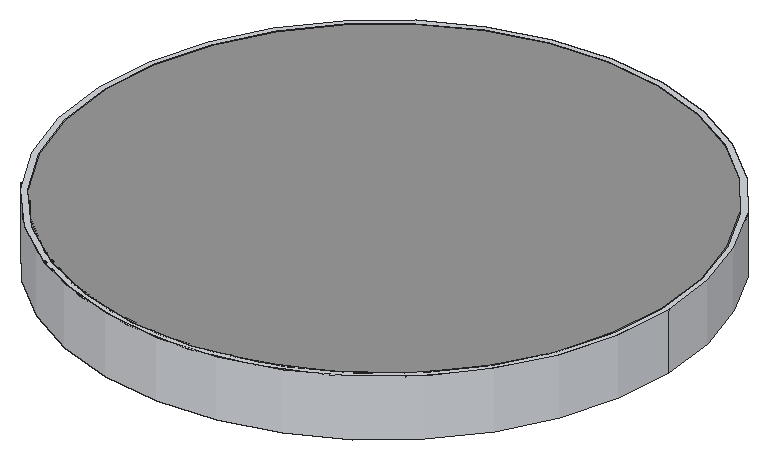
Revit family "2071172", category Lighting Fixtures, host Face, Revit 2018
Family settings
  Host = Face
  Round Connector Dimension = Use Diameter
  Part Type = Normal
  OmniClass Number = 23.80.70.00
  OmniClass Title = Lighting
  Cut with Voids When Loaded = No
  Light Source = Yes
  Shared = No
  Room Calculation Point = No
Parameters (values of type "2071172 COLOSSAL 600 830 PR DIR WHT SSC")
  iner diameter = 588 mm
  Weight = "n/a"
  Wattage Comments = ""
  Wattage = 30 W
  WarrantyStartDate [instance] = "n/a"
  WarrantyGuarantorParts = "n/a"
  WarrantyDurationUnit = "n/a"
  WarrantyDurationParts = ""
  WarrantyDescription = "http://www.sylvania-lighting.com"
  built-in parameter 1150110 = 1 (stored number, unit not read)
  Voltage = 230 V
  URL = "0.99"
  TypeName = "COLOSSAL 600mm 830 PRISM DIR WHITE SSC"
  Type Image = <None>
  Type Comments = "n/a"
  built-in parameter 1114217 = 1 (stored number, unit not read)
  Tilt Angle = -90.00°
  built-in parameter 1150109 = 1 (stored number, unit not read)
  built-in parameter 1150134 = (empty or 0)
  built-in parameter 1150113 = 1 (stored number, unit not read)
  SerialNumber [instance] = "n/a"
  Photometric Web File = "2071172.ies"
  Material_3_SYL = LED-Sylvania
  PowerFactor = 0
  PowerConsumption = "Lighting"
  NominalLength = 600 mm
  NominalHeight = 93 mm
  NominalDepth = 600 mm
  Name = "COLOSSAL 600mm 830 PRISM DIR WHITE SSC"
  ModelReference = Name  # "COLOSSAL 600mm 830 PRISM DIR WHITE SSC"
  ModelNumber = "2071172"
  Model = Name  # "COLOSSAL 600mm 830 PRISM DIR WHITE SSC"
  Material = "Feilo Sylvania"
  ManufacturerName = "122 lm/W"
  Manufacturer = ""
  LuminousEfficacy = ""
  built-in parameter 1150105 = 270.44 (stored number, unit not read)
  Lumens = 3398.4 lm
  LuminaireType = "0"
  built-in parameter 1150115 = 1 (stored number, unit not read)
  LightOutputRatio = "LED"
  built-in parameter 1150137 = (empty or 0)
  built-in parameter 1150139 = (empty or 0)
  LampsType = Lamp  # "n/a"
  LampNominalLuminous = "3000 K"
  LampMacAdamStep = "80"
  LampColourTemperature = "LED"
  LampColourRenderingIndex = "16500"
  built-in parameter 1150112 = 1 (stored number, unit not read)
  built-in parameter 1150114 = 1 (stored number, unit not read)
  Lamp = "n/a"
  Keynote = "n/a"
  InstallationDate [instance] = "n/a"
  InputVoltage = "0"
  InputNominalFrequency = "3000"
  built-in parameter 1150132 = (empty or 0)
  built-in parameter 1150102 = (empty or 0)
  built-in parameter 1150107 = 3000 (stored number, unit not read)
  built-in parameter 1150138 = (empty or 0)
  IngressProtection = "IfcLightFixtureType"
  ImpactProtectionIndex = "IfcLightFixtureType"
  built-in parameter 1150106 = 2.7044 (stored number, unit not read)
  IfcExportType = "IfcLightFixtureType"
  IfcExportAs = "Class I"
  Emit from Circle Diameter = 385 mm
  Emit Shape Visible in Rendering = no
  ElectricShockClassification = "122"
  built-in parameter 1150104 = 10.524 (stored number, unit not read)
  DocumentationLiterature = "http://www.sylvania-lighting.com/product/en-int/products/2071172"
  DimmingControlOptions = "n/a"
  Material_2_SYL = Polycarbonate_Sylvania_White
  Dimming Lamp Color Temperature Shift = <None>
  Description = "600mm diameter circular architectural luminaire, can be surface mounted or suspended. Powder coated aluminium housing (RAL9016) with PMMA prismatic diffuser. Direct light distribution, 3805lm luminuous flux, 31.3W system power, 122lm/W luminiaire efficacy. Sylsmart Standalone enabled. Colour rendering index Ra >80, 3000K Warm White LED, chromaticity tolerance of 3-step MacAdam ellipse. IP40, IK03. 350mA drive current. UGR≤19. Electrical protection Class1, 220-240V. Reported lifetime 66k hours L90B10."
  Default Elevation = 1219.2 mm
  CreatedOn = "23/03/2022"
  CreatedBy = "@sylvania-lighting.com"
  Cost = 0
  Color Filter = 16777215
  built-in parameter 1114216 [instance] = (empty or 0)
  ClassificationValue = "EF_70_80"
  ClassificationName = "Uniclass2015"
  Material_1_SYL = Polycarbonate_Sylvania_Opal
  BarCode [instance] = "n/a"
  built-in parameter 1114218 = 1 (stored number, unit not read)
  built-in parameter 1150133 = 10 (stored number, unit not read)
  AssetType = "Fixed"
  AssetIdentifier [instance] = "n/a"
  Assembly Code = "D5020200"
  Apparent Load = 31.3 VA
  Material_4_SYL = none
Reference planes
  plane 1 "Center (Front/Back)": y = 0
  plane 2: z = 0
  plane 3 "Center (Left/Right)": x = 0
  plane 4: x = -300
  plane 5: x = 300
  plane 6: y = 300
  plane 7: y = -300
  plane 8: y = 212
  plane 9: y = -212
  plane 10: z = 93
  plane 11: y = 294
  plane 12: y = -294
  plane 13: through (0, 0, 1219.2) normal (0.5, -0.866, 0)
  plane 14: through (-134.29, 20.617, 1219.2) normal (0.5, -0.866, 0)
  plane 15: through (-144.685, -181.683, 1219.2) normal (-0.5, 0.866, 0)
  plane 16: through (0, 0, 1219.2) normal (0.5, 0.866, 0)
  plane 17: through (178.555, -4.939, 1219.2) normal (0.5, 0.866, 0)
  plane 18: through (87.581, -148.715, 1219.2) normal (0.5, 0.866, 0)
  plane 19: y = 272
  plane 20: through (105.168, 227.067, 1219.2) normal (0.866, 0.5, 0)
  plane 21: through (-104.171, 225.672, 1219.2) normal (0.8572, -0.515, 0)
  plane 22: y = -204.612
  plane 23: through (-296.643, -30.2, 1219.2) normal (0.866, 0.5, 0)
  plane 24: through (153.092, -278.837, 1219.2) normal (-0.866, 0.5, 0)
Forms (mm)
  Extrusion 1, solid, detail levels medium+fine
    sketch origin (0, 0, 0) x (1, 0, 0) y (0, 1, 0)
      loop
        circle (0, 0) r 300
    from 33.023 to 93
  Extrusion 2, void
    sketch origin (0, 0, 0) x (1, 0, 0) y (0, 1, 0)
      loop
        circle (0, 0) r 294
    from 93 to 37.292
  Extrusion 3, solid, material "Glass, White, High Luminance", detail levels fine
    sketch origin (0, 0, 0) x (1, 0, 0) y (0, 1, 0)
      loop
        circle (0, 0) r 294
    from 88.026 to 93
  Extrusion 4, solid, detail levels coarse
    sketch origin (0, 0, 0) x (1, 0, 0) y (0, 1, 0)
      loop
        line (-300, 300) -> (-300, -300) -> (300, -300) -> (300, 300) -> (-300, 300)
    from 0 to 93
  Blend 5, solid, detail levels medium+fine
    base sketch origin (0, 0, 0) x (1, 0, 0) y (0, 1, 0)
      loop
        line (-76.334, 272) -> (-277.665, -63.07) -> (-195.946, -204.612) -> (195.946, -204.612) -> (275.172, -67.388) -> (79.226, 272) -> (-76.334, 272)
    top sketch origin (0, 0, 0) x (1, 0, 0) y (0, 1, 0)
      loop
        line (-226.097, -32.388) -> (-141.097, -179.612) -> (141.097, -179.612) -> (226.097, -32.388) -> (85, 212) -> (-85, 212) -> (-226.097, -32.388)
    from 33.023 to 0
Cuts and joins
  Extrusion 2 cuts Extrusion 1
Lines and regions (mm)
  model lines
    curve 1: line (-85, 212, 0) -> (0, 212, 0)
    curve 2: line (0, 212, 0) -> (85, 212, 0)
Dimensions and locks
  "NominalDepth": plane 6 to plane 7
  "NominalLength": plane 4 to plane 5
  equal spacing: plane 4, plane 3 "Center (Left/Right)", plane 5
  "iner diameter": plane 11 to plane 12
  equal spacing: plane 11, plane 1 "Center (Front/Back)", plane 12
  equal spacing: plane 6, plane 1 "Center (Front/Back)", plane 7
  "NominalHeight": plane 10 to level
  radius of Extrusion 2 sketch curve = 294 mm
  aligned and locked: plane 2 to host face
  aligned and locked: level to host face
Automatic sketch dimensions
  host sketch curve to host sketch curve = 2438.4 mm  (x2)
  plane 1 "Center (Front/Back)" to Extrusion 1 sketch curve = 0 mm
  Extrusion 1 sketch curve to plane 3 "Center (Left/Right)" = 0 mm
  plane 1 "Center (Front/Back)" to Extrusion 2 sketch curve = 0 mm
  Extrusion 2 sketch curve to plane 3 "Center (Left/Right)" = 0 mm
  plane 1 "Center (Front/Back)" to Extrusion 3 sketch curve = 0 mm
  Extrusion 3 sketch curve to plane 3 "Center (Left/Right)" = 0 mm
  Extrusion 4 sketch curve to plane 4 = 0 mm
  Extrusion 4 sketch curve to plane 5 = 0 mm
  Extrusion 4 sketch curve to plane 7 = 0 mm
  Extrusion 4 sketch curve to plane 6 = 0 mm
  Blend 5 sketch curve to plane 8 = 0 mm
  Blend 5 sketch curve to plane 3 "Center (Left/Right)" = 85 mm
  plane 3 "Center (Left/Right)" to Blend 5 sketch curve = 85 mm
  plane 9 to Blend 5 sketch curve = 32.388 mm
  plane 3 "Center (Left/Right)" to Blend 5 sketch curve = 141.097 mm
  plane 1 "Center (Front/Back)" to Blend 5 sketch curve = 32.388 mm  (x2)
  Blend 5 sketch curve to plane 5 = 73.903 mm
  Blend 5 sketch curve to plane 3 "Center (Left/Right)" = 141.097 mm
  plane 4 to Blend 5 sketch curve = 73.903 mm
  curve 1 to plane 8 = 0 mm
  curve 2 to plane 3 "Center (Left/Right)" = 0 mm
  curve 1 to plane 3 "Center (Left/Right)" = 85 mm
  curve 1 to curve 2 = 85 mm
  Blend 5 sketch curve to plane 21 = 0 mm
  Blend 5 sketch curve to plane 23 = 0 mm  (x2)
  Blend 5 sketch curve to plane 22 = 0 mm
  Blend 5 sketch curve to plane 19 = 0 mm
  plane 21 to Blend 5 sketch curve = 0 mm
  Blend 5 sketch curve to plane 20 = 0 mm  (x2)
  Blend 5 sketch curve to plane 24 = 0 mm  (x2)
  radius of Extrusion 1 sketch curve = 300 mm
  radius of Extrusion 3 sketch curve = 294 mm
Connectors
  electrical at (0, 0, 0), driven by "Apparent Load", driven by "PowerFactor", driven by "Voltage"
    settings: index 1, voltage 230 V, apparent load 31.3 VA, apparent load phase1 0 VA, apparent load phase2 0 VA, apparent load phase3 0 VA, power factor 0, load classification "Lighting", number of poles 1, system type 30, power factor state 1, is connector primary yes, connector utility no, sub classification motor no, connector description ""
